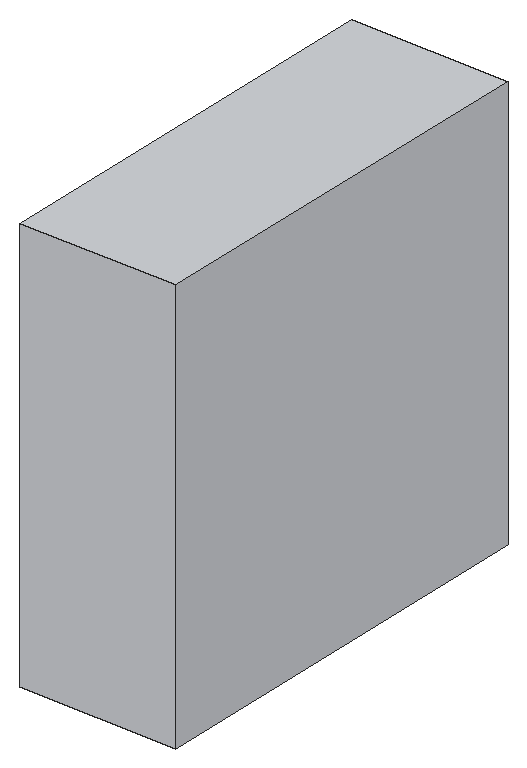
Revit family "M_Abafador de controle - Automático - Retangular", category Acessórios de duto, Revit 2019
Family settings
  Cota do conector redondo = Utilizar diâmetro
  Tipo de parte = Regulador de fluxo de ar
  Número OmniClass = 23.75.70.11.14.14
  Título OmniClass = Dampers for Air Ductwork
  ID de item do Seek = M_Control Damper - Automatic - Rectangular-0000-USA-ENU
  Com base no plano de trabalho = Não
  Sempre na vertical = Sim
  Corte com vazios quando carregada = Não
  Compartilhado = Não
Parameters (values of type "Padrão")
  Largura 2 = 2 / 3 * Comprimento 1  # 45 mm
  Largura 1 [instance] = Largura do abafador + 3 mm  # 403 mm
  Raio 1 = 0.3 * Largura 2  # 13.5 mm
  Comprimento 1 = 0.45 * Comprimento do abafador  # 67.5 mm
  Queda de pressão [instance] = 0.0 Pa
  Largura do duto [instance] = 300 mm
  Altura do duto [instance] = 300 mm
  Largura do abafador [instance] = Largura do duto + 100 mm  # 400 mm
  Material do abafador = none
  Comprimento do abafador = 150 mm
  Altura do abafador [instance] = Altura do duto + 100 mm  # 400 mm
Reference planes
  plane 1 "Centro (Frente/Trás)": y = 0
  plane 2: z = 0
  plane 3 "Centro (Esquerda/Direita)": x = 0
  plane 4: x = -75
  plane 5: x = 75
  plane 6: y = 200
  plane 7: y = -200
  plane 8: z = 200
  plane 9: z = -200
  plane 10: y = 245
  plane 11: x = -33.75
  plane 12: x = 33.75
  plane 13: z = 22.5
  plane 14: z = -22.5
Forms (mm)
  Extrusion 1, solid, material <- "Material do abafador", detail levels fine
    sketch origin (0, 0, 0) x (1, 0, 0) y (0, 1, 0)
      loop
        line (-75, 200) -> (-75, -200) -> (75, -200) -> (75, 200) -> (-75, 200)
    from -200 to 200
  Extrusion 2, solid, material <- "Material do abafador", detail levels fine
    sketch origin (0, 0, 0) x (1, 0, 0) y (0, 1, 0)
      loop
        line (-33.75, 245) -> (-33.75, 200) -> (33.75, 200) -> (33.75, 245) -> (-33.75, 245)
    from -22.5 to 22.5
  Extrusion 3, solid, material <- "Material do abafador", detail levels coarse+medium
    sketch origin (0, 0, 0) x (1, 0, 0) y (0, 1, 0)
      loop
        line (-75, 200) -> (-75, -200) -> (75, -200) -> (75, 200) -> (-75, 200)
    from -200 to 200
Lines and regions (mm)
  symbolic lines, detail levels coarse+medium
    curve 1: line (-75, 200, 0) -> (75, 200, 0)
    curve 2: line (-75, -200, 0) -> (-75, 200, 0)
    curve 3: line (75, -200, 0) -> (-75, -200, 0)
    curve 4: line (75, 200, 0) -> (75, -200, 0)
    curve 5: line (-33.75, 245, 0) -> (-33.75, 200, 0)
    curve 6: line (33.75, 245, 0) -> (33.75, 200, 0)
    curve 7: line (-33.75, 245, 0) -> (33.75, 245, 0)
Dimensions and locks
  equal spacing: plane 4, plane 3 "Centro (Esquerda/Direita)", plane 5
  "Comprimento do abafador": plane 4 to plane 5
  equal spacing: plane 6, plane 1 "Centro (Frente/Trás)", plane 7
  "Largura do abafador": plane 6 to plane 7
  equal spacing: plane 8, plane 2, plane 9
  "Altura do abafador": plane 8 to plane 9
  "Largura 2": plane 10 to plane 6
  equal spacing: plane 11, plane 3 "Centro (Esquerda/Direita)", plane 12
  "Comprimento 1": plane 11 to plane 12
  equal spacing: plane 13, plane 2, plane 14
  "Largura 2": plane 13 to plane 14
  aligned and locked: plane 4 to Extrusion 1 sketch curve
  aligned and locked: Extrusion 1 sketch curve to plane 6
  aligned and locked: plane 7 to Extrusion 1 sketch curve
  aligned and locked: Extrusion 1 sketch curve to plane 5
  aligned and locked: Extrusion 1 to plane 9
  aligned and locked: plane 8 to Extrusion 1
  aligned and locked: plane 11 to Extrusion 2 sketch curve
  aligned and locked: Extrusion 2 sketch curve to plane 10
  aligned and locked: plane 6 to Extrusion 2 sketch curve
  aligned and locked: Extrusion 2 sketch curve to plane 12
  aligned and locked: Extrusion 2 to plane 14
  aligned and locked: plane 13 to Extrusion 2
  aligned and locked: plane 4 to curve 1
  aligned and locked: curve 1 to plane 6
  aligned and locked: plane 7 to curve 4
  aligned and locked: curve 4 to plane 5
  aligned and locked: plane 6 to curve 5
  aligned and locked: plane 10 to curve 6
  aligned and locked: plane 10 to curve 5
  aligned and locked: curve 5 to plane 11
  aligned and locked: curve 6 to plane 12
  aligned and locked: plane 4 to Extrusion 3 sketch curve
  aligned and locked: Extrusion 3 sketch curve to plane 6
  aligned and locked: plane 7 to Extrusion 3 sketch curve
  aligned and locked: Extrusion 3 sketch curve to plane 5
  aligned and locked: Extrusion 3 to plane 9
  aligned and locked: plane 8 to Extrusion 3
Connectors
  hvac at (-75, 0, 0), driven by "Altura do duto", driven by "Largura do duto", driven by "Queda de pressão"
    settings: on Extrusion 1, index 1, duct flow 0.0 L/s, flow factor 0, pres drop 0.0 Pa, loss coef 0, conn angle 0.00°, conn width 300 mm, conn height 300 mm, conn diameter 609.6 mm, duct sys type 29, conn prof type 1, flow config 0, flow direction 0, loss method 4, conn ref index 2, conn util no, is conn primary yes, conn desc ""
  hvac at (75, 0, 0), driven by "Altura do duto", driven by "Largura do duto"
    settings: on Extrusion 1, index 2, duct flow 0.0 L/s, flow factor 0, pres drop 0.0 Pa, loss coef 0, conn angle 0.00°, conn width 300 mm, conn height 300 mm, conn diameter 609.6 mm, duct sys type 29, conn prof type 1, flow config 0, flow direction 0, loss method 4, conn ref index 1, conn util no, is conn primary no, conn desc ""
